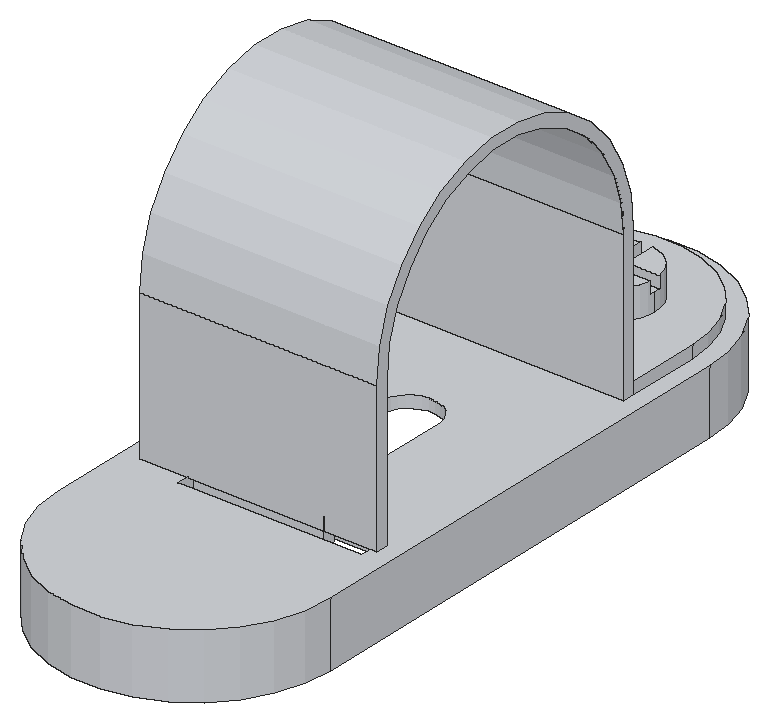
Revit family "RAPID25G", category Generic Models, Revit 2017
Family settings
  Can host rebar = No
  Round Connector Dimension = Use Diameter
  Part Type = Normal
  Work Plane-Based = Yes
  Always vertical = No
  Cut with Voids When Loaded = No
  Shared = No
  Room Calculation Point = No
Parameters (values of type "NBS Standard Parameters")
  Weight = "0.025kg"
  WarrantyStartDate [instance] = "1900-12-31T23:59:59"
  WarrantyGuarantorParts = "12 Months"
  WarrantyGuarantorLabor = "n/a"
  WarrantyDurationUnit = "12 Months"
  WarrantyDurationParts = "n/a"
  WarrantyDurationLabor = "n/a"
  WarrantyDescription = "n/a"
  Version = "1"
  Uniclass2 = "Pr_65_70_11_20"
  URL = "www.metpro.co.uk"
  TagNumber [instance] = "n/a"
  SustainabilityPerformance = "n/a"
  Size = "25mm"
  Shape = "n/a"
  SerialNumber [instance] = "n/a"
  Revision = "n/a"
  ReplacementCost = "n/a"
  ProductInformation = "www.metpro.co.uk/pdf/rapid25g.pdf"
  NominalWidth = 22 mm
  NominalLength = 57 mm
  NominalHeight = 28 mm
  Name = "RAPID25G - RAPID SADDLE"
  NBSTypeID = "n/a"
  NBSReference = "90-55-10/460"
  NBSOfficeMasterTag = "n/a"
  NBSNote = "n/a"
  NBSDescription = "Conduit Fittings"
  NBSCertification = "n/a"
  ModelReference = "Conduit fittings"
  ModelNumber = "RAPID25G"
  Material = "Pressed Steel"
  ManufacturerURL = "www.metpro.co.uk"
  ManufacturerName = "Metpro ltd"
  Manufacturer = "Metpro Limited"
  Keynote = ""
  InstallationDate [instance] = "1900-12-31T23:59:59"
  IfcExportType = ""
  IfcExportAs = ""
  Grade = "n/a"
  Finish = "Delta Protekt"
  Features = "n/a"
  ExpectedLife = "n/a"
  DurationUnit = "1 Year"
  Description = "RAPID25G - 25mm Rapid Saddle"
  Default Elevation = 1219.2 mm
  Constituents = "n/a"
  Color = "Grey"
  CodePerformance = "n/a"
  Category = "n/a"
  BarCode [instance] = "n/a"
  BIMObjectName = "Metpro_Metprolibrary_Conduitfittings_Metalcomponent_Steelaccessories"
  Author = "Metpro"
  AssetType = "Fixed"
  AssetIdentifier [instance] = "n/a"
  AccessibilityPerformance = "n/a"
Reference planes
  plane 1 "Center (Front/Back)": y = 0
  plane 2: z = -49.367
  plane 3 "Center (Left/Right)": x = 0
Forms (mm)
  Extrusion 1, solid
    sketch origin (0, 0, -49.367) x (1, 0, 0) y (0, 1, 0)
      loop
        line (8.178, 89.632) -> (8.178, 129.632)
        arc (8.178, 129.632) -> (-3.322, 141.132) -> (-14.822, 129.632) r 11.5
        line (-14.822, 129.632) -> (-14.822, 89.632)
        arc (-14.822, 89.632) -> (-3.322, 78.132) -> (8.178, 89.632) r 11.5
    from 0 to 5.5
  Extrusion 2, void
    sketch origin (0, 0, -49.367) x (1, 0, 0) y (0, 1, 0)
      loop
        line (-13.822, 129.632) -> (-13.822, 89.632)
        arc (-13.822, 89.632) -> (-3.322, 79.132) -> (7.178, 89.632) r 10.5
        line (7.178, 89.632) -> (7.178, 129.632)
        arc (7.178, 129.632) -> (-3.322, 140.132) -> (-13.822, 129.632) r 10.5
    from 0 to 4.5
  Extrusion 3, void
    sketch origin (0, 0, -43.867) x (0, 1, 0) y (1, 0, 0)
      loop
        line (107.132, -5.822) -> (112.132, -5.822)
        arc (112.132, -5.822) -> (114.632, -3.322) -> (112.132, -0.822) r 2.5
        line (112.132, -0.822) -> (107.132, -0.822)
        arc (107.132, -0.822) -> (104.632, -3.322) -> (107.132, -5.822) r 2.5
      loop
        circle (131.632, -1.322) r 2
      loop
        line (97.382, 6.178) -> (95.382, 6.178) -> (95.382, -9.322) -> (97.382, -9.322) -> (97.382, 6.178)
    from 0 to 6
  Extrusion 4, solid
    sketch origin (6.678, 89.632, -49.367) x (0, -1, 0) y (0, 0, 1)
      loop
        line (-7.75, 5.5) -> (-6.75, 5.5) -> (-6.75, 18.047)
        arc (-6.75, 18.047) -> (-20.25, 31.547) -> (-33.75, 18.047) r 13.5
        line (-33.75, 18.047) -> (-33.75, 5.5) -> (-32.75, 5.5) -> (-32.75, 18.047)
        arc (-32.75, 18.047) -> (-20.25, 30.547) -> (-7.75, 18.047) r 12.5
        line (-7.75, 18.047) -> (-7.75, 5.5)
    from 0 to 20
  Sweep 5, solid
    path origin (2.178, 89.632, -49.367) x (0, 1, 0) y (0, 0, 1)
      loop
        line (7.278, 6.513) -> (7.278, 4.622)
        arc (7.278, 4.622) -> (6.993, 3.935) -> (6.306, 3.651) r 0.972
        line (6.306, 3.651) -> (4.019, 3.651)
        arc (4.019, 3.651) -> (3.155, 3.127) -> (3.221, 2.119) r 0.974
        line (3.221, 2.119) -> (4.368, 0.48)
    profile origin (2.178, 96.91, -43.799) x (1, 0, 0) y (0, 1, 0)
      loop
        line (0, -0.5) -> (0, 0.5) -> (-11, 0.5) -> (-11, -0.5) -> (0, -0.5)
  Extrusion 6, solid
    sketch origin (0, 0, -43.867) x (1, 0, 0) y (0, 1, 0)
      loop
        line (-13.322, 123.382) -> (6.678, 123.382) -> (6.678, 129.632)
        arc (6.678, 129.632) -> (-3.322, 139.632) -> (-13.322, 129.632) r 10
        line (-13.322, 129.632) -> (-13.322, 123.382)
    from 0 to 1
  Extrusion 7, void
    sketch origin (0, 0, -42.867) x (0, 1, 0) y (1, 0, 0)
      loop
        circle (131.601, -1.298) r 2.25
    from 0 to 1
  Extrusion 8, void
    sketch origin (0, 0, -42.867) x (0, 1, 0) y (1, 0, 0)
      loop
        circle (131.632, -5.322) r 4.1
    from 0 to 1
  Extrusion 9, solid
    sketch origin (0, 0, -42.867) x (1, 0, 0) y (0, 1, 0)
      loop
        circle (-1.322, 131.632) r 3.25
    from 0 to 2.5
  Extrusion 10, solid
    sketch origin (0, 0, -42.867) x (0, 1, 0) y (1, 0, 0)
      loop
        circle (131.632, -1.322) r 1.82
    from 0 to 4.5
  Extrusion 11, void
    sketch origin (0, 0, -40.367) x (0, 1, 0) y (1, 0, 0)
      loop
        line (131.132, -5.276) -> (132.132, -5.276) -> (132.132, 2.324) -> (131.132, 2.324) -> (131.132, -5.276)
    from 0 to 1
  Extrusion 12, void
    sketch origin (0, 0, -40.367) x (0, 1, 0) y (1, 0, 0)
      loop
        line (127.583, -1.853) -> (135.749, -1.853) -> (135.749, -0.853) -> (127.583, -0.853) -> (127.583, -1.853)
    from 0 to 1
Cuts and joins
  Extrusion 2, Extrusion 3 cuts Extrusion 1
  Extrusion 7, Extrusion 8 cuts Extrusion 6
  Extrusion 11, Extrusion 12 cuts Extrusion 9
Dimensions and locks
  aligned and locked: level to plane 2
